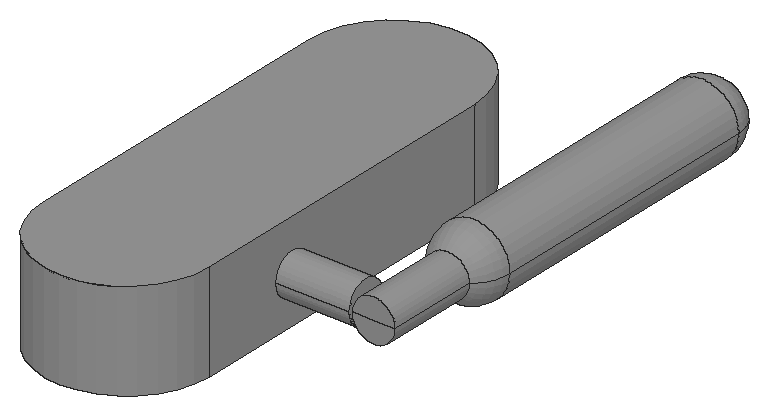
Revit family "CellularModule", category Security Devices, host Face, Revit 2019
Family settings
  Host = Face
  Maintain Annotation Orientation = Yes
  Round Connector Dimension = Use Diameter
  Part Type = Normal
  Cut with Voids When Loaded = No
  Shared = No
  Room Calculation Point = Yes
Parameters (values of type "ACC-CEL-LTE")
  Width = 2.0"
  URL = "https://www.verkada.com/alarms/cellular-module/"
  Type Image = ACC-CEL-LTE.png
  Model = "ACC-CEL-LTE"
  Manufacturer = "VERKADA"  # constant formula
  Length = 6.0"
  Height = 1.18"
  Description = "CELLULAR MODULE"
  Default Elevation = 48.0"
Reference planes (in)
  plane 1 "Center (Front/Back)": y = 0
  plane 2: z = 0
  plane 3 "Center (Left/Right)": x = 0
  plane 4: x = 1
  plane 5: y = 3
  plane 6: y = -3
  plane 7: x = -1
  plane 8: z = 1.18
  plane 9: x = 1.86234
Forms (in)
  Extrusion 1, solid, material "Verkada White", detail levels medium+fine
    sketch origin (0, 0, 0) x (1, 0, 0) y (0, 1, 0)
      loop
        arc (-1, -2) -> (0, -3) -> (1, -2) r 1
        line (1, -2) -> (1, 2)
        arc (1, 2) -> (0, 3) -> (-1, 2) r 1
        line (-1, 2) -> (-1, -2)
    from 0 to 1.18 <- "Height"
  Extrusion 2, solid, material "Verkada Black"
    sketch origin (0, 0.59375, 0) x (0, 1, 0) y (0, 0, 1)
      loop
        circle (-1.35386, 0.57299) r 0.25
    from 1 to 1.8923
  Revolve 3, solid, material "Verkada Black"
    sketch origin (0.3154, 0, 0.57299) x (1, 0, 0) y (0, 1, 0)
      loop
        arc (2.29813, 3.95603) -> (2.16993, 4.261) -> (1.86234, 4.38278) r 0.42685
        line (1.86234, 4.38278) -> (1.86234, -0.99193) -> (2.11825, -0.99193) -> (2.11825, 0.12109)
        arc (2.11825, 0.12109) -> (2.25102, 0.29798) -> (2.29813, 0.51408) r 0.51922
        line (2.29813, 0.51408) -> (2.29813, 3.95603)
      axis (1.86234, 4.38278) -> (1.86234, -0.99193)
    angle from 0 to 360
Dimensions and locks (in)
  equal spacing: plane 7, plane 3 "Center (Left/Right)", plane 4
  "Width": plane 7 to plane 4
  "Height": plane 8 to level
  equal spacing: plane 6, plane 1 "Center (Front/Back)", plane 5
  "Length": plane 6 to plane 5
  aligned and locked: plane 2 to host face
  aligned and locked: level to host face
  aligned and locked: plane 7 to Extrusion 1 sketch curve
  aligned and locked: Extrusion 1 sketch curve to plane 4
  aligned and locked: Extrusion 2 to plane 4
Automatic sketch dimensions
  host sketch curve to host sketch curve = 96.0"  (x2)
  Extrusion 1 sketch curve to plane 6 = 1.0"
  plane 5 to Extrusion 1 sketch curve = 1.0"
  plane 1 "Center (Front/Back)" to Extrusion 2 sketch curve = 0.76011"
  level to Extrusion 2 sketch curve = 0.57299"
  plane 9 to Revolve 3 sketch curve = 0.23196"
  plane 9 to Revolve 3 sketch curve = 0.3154"
  plane 9 to Revolve 3 sketch curve = 0.32434"
  Revolve 3 sketch curve to Revolve 3 sketch curve = 0.25591"
  Revolve 3 sketch curve to Revolve 3 sketch curve = 0.42685"
  plane 1 "Center (Front/Back)" to Revolve 3 sketch curve = 0.99193"
  Revolve 3 sketch curve to plane 1 "Center (Front/Back)" = 0.51408"
  Revolve 3 sketch curve to plane 5 = 0.95603"
  Revolve 3 sketch curve to Revolve 3 sketch curve = 0.0"
  Revolve 3 sketch curve to Revolve 3 sketch curve = 0.57926"
  Revolve 3 sketch curve to Revolve 3 sketch curve = 0.00009"
  radius of Extrusion 2 sketch curve = 0.25"
Nested families (in)
  nested 1: "PlanSymbol_CellularModule" at (0, 0, 0), type "Standard"
Connectors (in)
  electrical at (0, 0, 0)
    settings: index 2, voltage 0 V, apparent load 0 VA, apparent load phase1 0 VA, apparent load phase2 0 VA, apparent load phase3 0 VA, power factor 1, load classification "Other", number of poles 1, system type 10, power factor state 1, is connector primary yes, connector utility no, sub classification motor no, connector description ""
Definition of nested family "PlanSymbol_CellularModule"
  Reference planes (in)
    plane 1: y = 0
    plane 2: x = 0
  Lines and regions (in)
    detail lines
      curve 1: line (0, 0, 0) -> (0, 0.3291, 0)
      curve 2: line (0, 0.22, 0) -> (0.07221, 0.3289, 0)
      curve 3: line (0, 0.22, 0) -> (-0.07221, 0.3289, 0)
